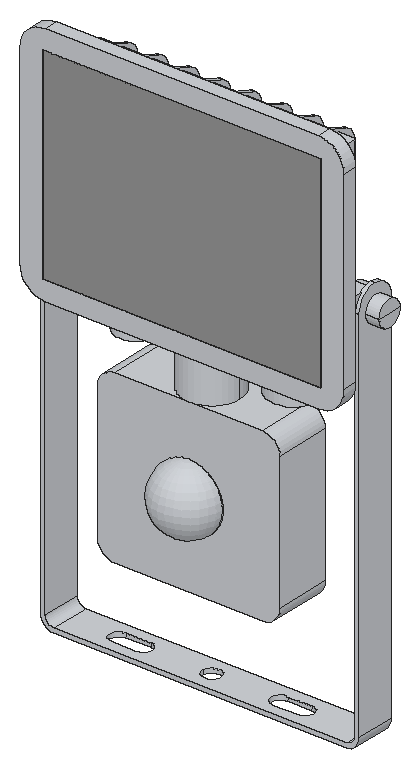
Revit family "SylFlood - 19W - PIR", category Lighting Fixtures, Revit 2017
Family settings
  Round Connector Dimension = Use Diameter
  Part Type = Normal
  OmniClass Number = 23.80.70.00
  OmniClass Title = Lighting
  Work Plane-Based = No
  Always vertical = Yes
  Cut with Voids When Loaded = No
  Light Source = Yes
  Shared = No
  Room Calculation Point = No
Parameters (values of type "0047121 SYLFLOOD IP54 PIR 2000LM 840 WHITE")
  Weight = "2.85 kg"
  Wattage = 19 W
  WarrantyStartDate [instance] = "n/a"
  WarrantyGuarantorParts = "n/a"
  WarrantyDurationUnit = "n/a"
  WarrantyDurationParts = "n/a"
  WarrantyDescription = "n/a"
  built-in parameter 1150110 = 1 (stored number, unit not read)
  Voltage = 0 V
  URL = "http://www.sylvania-lighting.com"
  TypeName = "SylFlood IP54 PIR 2000LM 840 White"
  built-in parameter 1114217 = 1 (stored number, unit not read)
  Tilt Angle = 0.00°
  built-in parameter 1150109 = 1 (stored number, unit not read)
  built-in parameter 1150134 = 12
  built-in parameter 1150113 = 1 (stored number, unit not read)
  SerialNumber [instance] = "n/a"
  PowerFactor = 0.9
  PowerConsumption = "19.0 W"
  Photometric Web File = "0047121.ies"
  NominalWidth = 0 mm
  NominalLength = 190 mm
  NominalHeight = 52 mm
  Name = "SylFlood IP54 PIR 2000LM 840 White"
  ModelReference = "SylFlood IP54 PIR 2000LM 840 White"
  ModelNumber = "0047121"
  Model = "SylFlood IP54 PIR 2000LM 840 White"
  Material_4_FEILO = none
  Material_3_FEILO = none
  Material_2_FEILO = Default New Material
  Material_1_FEILO = none
  Material = "n/a"
  ManufacturerName = "Feilo Sylvania"
  Manufacturer = "Feilo Sylvania"
  LuminousEfficacy = "105 lm/W"
  Lumens = 1995 lm
  LuminaireType = ""
  built-in parameter 1150115 = 1 (stored number, unit not read)
  built-in parameter 1150105 = -1551312 (stored number, unit not read)
  LightOutputRatio = "n/a"
  built-in parameter 1150137 = (empty or 0)
  built-in parameter 1150139 = (empty or 0)
  LampsType = "LED"
  LampNominalLuminous = "2000 lm"
  LampMacAdamStep = "5"
  LampColourTemperature = "4000 K"
  LampColourRenderingIndex = "80"
  built-in parameter 1150112 = 1 (stored number, unit not read)
  built-in parameter 1150114 = 1 (stored number, unit not read)
  Lamp = "LED"
  LUM_WIDTH_SYL = 57 mm  # constant formula
  LUM_HEIGHT_SYL = 43 mm  # constant formula
  LUM_EXTR_ST_SYL = -5 mm
  LUM_EXTR_END_SYL = 0 mm
  LUM_DEPTH_SYL = 28 mm
  Keynote = "16500"
  InstallationDate [instance] = "n/a"
  InputVoltage = "n/a"
  InputNominalFrequency = "n/a"
  built-in parameter 1150132 = 2
  built-in parameter 1150102 = (empty or 0)
  built-in parameter 1150138 = (empty or 0)
  built-in parameter 1150107 = 4000 (stored number, unit not read)
  IngressProtection = "IP54"
  ImpactProtectionIndex = "IK06"
  built-in parameter 1150106 = -15513.1 (stored number, unit not read)
  IfcExportType = "IfcLightFixtureType"
  IfcExportAs = "IfcLightFixtureType"
  ElectricShockClassification = "Class I"
  built-in parameter 1150104 = 9.7548 (stored number, unit not read)
  DocumentationLiterature = "http://www.sylvania-lighting.com/product/en-int/products/0047121"
  DimmingControlOptions = "n/a"
  Dimming Lamp Color Temperature Shift = <None>
  DIF_WIDTH_SYL = 49 mm  # constant formula
  DIF_HEIGHT_SYL = 36 mm  # constant formula
  CreatedOn = "44168"
  CreatedBy = "@sylvania-lighting.com"
  Color Filter = 16777215
  ClassificationValue = "EF_70_80"
  ClassificationName = "Uniclass2015"
  CABLE_SIDE_DIST_SYL = 28.5 mm
  CABLE_LENGTH_SYL = 5 mm
  CABLE_FRONT_DIST_SYL = 17.5 mm
  CABLES_DIST_SYL = 56 mm
  BarCode [instance] = "n/a"
  built-in parameter 1114218 = 1 (stored number, unit not read)
  B_RAIL_R_DIST_SYL = 7 mm
  B_RAIL_HEIGHT_SYL = 27 mm
  B_RAIL_DEPTH_SYL = 44 mm
  B_RAIL_CHAMFER_SYL = 7 mm
  BRACKET_HOLDER_WIDTH_SYL = 12 mm
  BRACKET_HOLDER_HEIGHT_SYL = 17 mm
  BRACKET_HOLDER_DIST_SIDE_SYL = 2.8 mm
  BRACKET_HOLDER_DIST_BOTT_SYL = 22 mm
  BRACKET_HOLDER_DEPTH_SYL = 5.7 mm
  BOX_WIDTH_SYL = 45.5 mm
  BOX_TOP_DIST_SYL = 10.5 mm
  BOX_DEPTH_SYL = 14 mm
  BOX_BOTT_DIST_SYL = 28 mm
  BACK_RAIL_WIDTH_SYL = 1.4 mm
  BACK_RAIL_SIDE_DIST_SYL = 18 mm
  BACK_PL_EXTR_ST_SYL = -6 mm
  BACK_PL_EXTR_ST(-1)_SYL = BACK_PL_EXTR_ST_SYL * (-1)  # 6 mm
  BACK_PL_EXTR_END_SYL = -3 mm
  BACK_PL_EXTR_END(-1)_SYL = BACK_PL_EXTR_END_SYL * (-1)  # 3 mm
  built-in parameter 1150133 = 10 (stored number, unit not read)
  AssetType = "Fixed"
  AssetIdentifier [instance] = "n/a"
  Assembly Code = "D5020200"
  Apparent Load = 19 VA
  0_18W_SYL = yes
Types (4, lengths in mm): name | TypeName | built-in parameter 1150134 | Photometric Web File | Name | ModelReference | ModelNumber | Model | LuminousEfficacy | Lumens | built-in parameter 1150105 | LampNominalLuminous | LampColourTemperature | built-in parameter 1150107 | built-in parameter 1150106 | built-in parameter 1150104 | DocumentationLiterature
  0047121 SYLFLOOD IP54 PIR 2000LM 840 WHITE | "SylFlood IP54 PIR 2000LM 840 White" | 12 | "0047121.ies" | "SylFlood IP54 PIR 2000LM 840 White" | "SylFlood IP54 PIR 2000LM 840 White" | "0047121" | "SylFlood IP54 PIR 2000LM 840 White" | "105 lm/W" | 1995 lm | -1551312 (stored number, unit not read) | "2000 lm" | "4000 K" | 4000 (stored number, unit not read) | -15513.1 (stored number, unit not read) | 9.7548 (stored number, unit not read) | "http://www.sylvania-lighting.com/product/en-int/products/0047121"
  0047120 SYLFLOOD IP54 PIR 1850LM 830 WHITE | "SylFlood IP54 PIR 1850LM 830 White" | (empty or 0) | "0047120.ies" | "SylFlood IP54 PIR 1850LM 830 White" | "SylFlood IP54 PIR 1850LM 830 White" | "0047120" | "SylFlood IP54 PIR 1850LM 830 White" | "97 lm/W" | 1843 lm | -1325633 (stored number, unit not read) | "1850 lm" | "3000 K" | 3000 (stored number, unit not read) | -13256.3 (stored number, unit not read) | 9.0116 (stored number, unit not read) | "http://www.sylvania-lighting.com/product/en-int/products/0047120"
  0047119 SYLFLOOD IP54 PIR 2000LM 840 BLACK | "SylFlood IP54 PIR 2000LM 840 Black" | 12 | "0047119.ies" | "SylFlood IP54 PIR 2000LM 840 Black" | "SylFlood IP54 PIR 2000LM 840 Black" | "0047119" | "SylFlood IP54 PIR 2000LM 840 Black" | "105 lm/W" | 1995 lm | -1551312 (stored number, unit not read) | "2000 lm" | "4000 K" | 4000 (stored number, unit not read) | -15513.1 (stored number, unit not read) | 9.7548 (stored number, unit not read) | "http://www.sylvania-lighting.com/product/en-int/products/0047119"
  0047118 SYLFLOOD IP54 PIR 1850LM 830 BLACK | "SylFlood IP54 PIR 1850LM 830 Black" | (empty or 0) | "0047118.ies" | "SylFlood IP54 PIR 1850LM 830 Black" | "SylFlood IP54 PIR 1850LM 830 Black" | "0047118" | "SylFlood IP54 PIR 1850LM 830 Black" | "97 lm/W" | 1843 lm | -1325633 (stored number, unit not read) | "1850 lm" | "3000 K" | 3000 (stored number, unit not read) | -13256.3 (stored number, unit not read) | 9.0116 (stored number, unit not read) | "http://www.sylvania-lighting.com/product/en-int/products/0047118"
Reference planes
  plane 1 "Light Source Axis (F/B)": y = 0
  plane 2: z = 0
  plane 3 "Light Source Axis (L/R)": x = 0
  plane 4 "Light Source Elevation": z = -0.469
  plane 5: x = 57
  plane 6: x = -57
  plane 7: z = 43
  plane 8: z = -43
  plane 9: x = 49
  plane 10: x = -49
  plane 11: z = 36
  plane 12: z = -36
  plane 13: y = 6
  plane 14: y = 3
  plane 15: x = -45.5
  plane 16: x = 45.5
  plane 17: y = 20
  plane 18: z = 32.5
  plane 19: z = -15
  plane 20: y = 28
  plane 21: z = -21
  plane 22: z = -9
  plane 23: y = 21
  plane 24: x = 54.2
  plane 25: x = 39.5
  plane 26: x = 28.5
  plane 27: x = -27.5
  plane 28: y = 14
  plane 29: z = -38
  plane 30: y = 27
  plane 31: z = 29
  plane 32: z = 22
  plane 33: x = 39
  plane 34: x = 37.6
  plane 35: x = 30.6
  plane 36: x = 20.8
  plane 37: x = 13.8
  plane 38: x = 12.4
  plane 39: x = 5.4
  plane 40: x = 4
  plane 41: z = -50.4
Forms (mm)
  Extrusion 1, solid
    sketch origin (0, 0, 0) x (1, 0, 0) y (0, 0, 1)
      loop
        arc (-48, 43) -> (-54.364, 40.364) -> (-57, 34) r 9
        line (-57, 34) -> (-57, -34)
        arc (-57, -34) -> (-54.364, -40.364) -> (-48, -43) r 9
        line (-48, -43) -> (48, -43)
        arc (48, -43) -> (54.364, -40.364) -> (57, -34) r 9
        line (57, -34) -> (57, 34)
        arc (57, 34) -> (54.364, 40.364) -> (48, 43) r 9
        line (48, 43) -> (-48, 43)
      loop
        line (-49, 36) -> (-49, -36) -> (49, -36) -> (49, 36) -> (-49, 36)
    from -5 <- "LUM_EXTR_ST_SYL" to 0 <- "LUM_EXTR_END_SYL"
  Extrusion 2, solid, material "Default New Material" <- "Material_2_FEILO"
    sketch origin (0, 0, 0) x (1, 0, 0) y (0, 0, 1)
      loop
        line (-49, 36) -> (-49, -36) -> (49, -36) -> (49, 36) -> (-49, 36)
    from -3 <- "BACK_PL_EXTR_END_SYL" to 0 <- "LUM_EXTR_END_SYL"
  Extrusion 3, solid
    sketch origin (0, 0, 0) x (1, 0, 0) y (0, 0, 1)
      loop
        line (49, 36) -> (-49, 36) -> (-49, -36) -> (49, -36) -> (49, 36)
    from -6 <- "BACK_PL_EXTR_ST_SYL" to -3 <- "BACK_PL_EXTR_END_SYL"
  Extrusion 4, solid
    sketch origin (0, 0, 0) x (1, 0, 0) y (0, 1, 0)
      loop
        arc (-44.5, 20) -> (-45.207, 19.707) -> (-45.5, 19) r 1
        line (-45.5, 19) -> (-45.5, 6) -> (45.5, 6) -> (45.5, 19)
        arc (45.5, 19) -> (45.207, 19.707) -> (44.5, 20) r 1
        line (44.5, 20) -> (-44.5, 20)
    from -15 to 32.5
  Extrusion 5, solid
    sketch origin (0, 0, 0) x (1, 0, 0) y (0, 1, 0)
      loop
        arc (-31.5, 28) -> (-41.399, 23.899) -> (-45.5, 14) r 14
        line (-45.5, 14) -> (-45.5, 6) -> (45.5, 6) -> (45.5, 14)
        arc (45.5, 14) -> (41.399, 23.899) -> (31.5, 28) r 14
        line (31.5, 28) -> (-31.5, 28)
    from -36 to -15
  Extrusion 6, solid
    sketch origin (0, 0, 0) x (0, 1, 0) y (0, 0, 1)
      loop
        line (5, -9) -> (5, -21) -> (15, -21)
        arc (15, -21) -> (19.243, -19.243) -> (21, -15) r 6
        arc (21, -15) -> (19.243, -10.757) -> (15, -9) r 6
        line (15, -9) -> (5, -9)
      loop
        circle (15, -15) r 2.5
    from 49 to 54.502
  Extrusion 7, solid
    sketch origin (0, 0, 0) x (1, 0, 0) y (0, 1, 0)
      loop
        circle (-27.5, 14) r 7
      loop
        circle (28.5, 14) r 9
    from -50.4 to -36
  Extrusion 8, solid
    sketch origin (1.583, 5.639, -10.469) x (0, 1, 0) y (0, 0, -1)
      loop
        line (-0.625, 4.531) -> (-0.625, -22) -> (-0.625, -49.48) -> (18.047, -42.313)
        arc (18.047, -42.313) -> (20.09, -40.922) -> (21.299, -38.767) r 5.397
        line (21.299, -38.767) -> (21.299, 4.531) -> (-0.625, 4.531)
    from -37.417 to -36.017
  Extrusion 9, solid
    sketch origin (0, 0, 0) x (0, 1, 0) y (0, 0, -1)
      loop
        line (5, 9) -> (15, 9)
        arc (15, 9) -> (19.243, 10.757) -> (21, 15) r 6
        arc (21, 15) -> (19.243, 19.243) -> (15, 21) r 6
        line (15, 21) -> (5, 21) -> (5, 9)
      loop
        circle (15, 15) r 2.5
    from 49 to 54.502
  Extrusion 10, solid
    sketch origin (-1.583, 5.639, -10.469) x (0, 1, 0) y (0, 0, 1)
      loop
        line (-0.625, -4.531) -> (21.299, -4.531) -> (21.299, 38.767)
        arc (21.299, 38.767) -> (20.09, 40.922) -> (18.047, 42.313) r 5.397
        line (18.047, 42.313) -> (-0.625, 49.48) -> (-0.625, 22) -> (-0.625, -4.531)
    from -37.417 to -36.017
  Extrusion 11, solid
    sketch origin (-75.017, 5.639, -10.469) x (0, 1, 0) y (0, 0, -1)
      loop
        line (-0.625, 4.531) -> (-0.625, -22) -> (-0.625, -49.48) -> (18.047, -42.313)
        arc (18.047, -42.313) -> (20.09, -40.922) -> (21.299, -38.767) r 5.397
        line (21.299, -38.767) -> (21.299, 4.531) -> (-0.625, 4.531)
    from -37.417 to -36.017
  Extrusion 12, solid
    sketch origin (-9.36, 5.639, -10.469) x (0, 1, 0) y (0, 0, -1)
      loop
        line (-0.625, 4.531) -> (-0.625, -22) -> (-0.625, -49.48) -> (18.047, -42.313)
        arc (18.047, -42.313) -> (20.09, -40.922) -> (21.299, -38.767) r 5.397
        line (21.299, -38.767) -> (21.299, 4.531) -> (-0.625, 4.531)
    from -37.417 to -36.017
  Extrusion 13, solid
    sketch origin (-20.302, 5.639, -10.469) x (0, 1, 0) y (0, 0, -1)
      loop
        line (-0.625, 4.531) -> (-0.625, -22) -> (-0.625, -49.48) -> (18.047, -42.313)
        arc (18.047, -42.313) -> (20.09, -40.922) -> (21.299, -38.767) r 5.397
        line (21.299, -38.767) -> (21.299, 4.531) -> (-0.625, 4.531)
    from -37.417 to -36.017
  Extrusion 14, solid
    sketch origin (-31.245, 5.639, -10.469) x (0, 1, 0) y (0, 0, -1)
      loop
        line (-0.625, 4.531) -> (-0.625, -22) -> (-0.625, -49.48) -> (18.047, -42.313)
        arc (18.047, -42.313) -> (20.09, -40.922) -> (21.299, -38.767) r 5.397
        line (21.299, -38.767) -> (21.299, 4.531) -> (-0.625, 4.531)
    from -37.417 to -36.017
  Extrusion 15, solid
    sketch origin (-42.188, 5.639, -10.469) x (0, 1, 0) y (0, 0, -1)
      loop
        line (-0.625, 4.531) -> (-0.625, -22) -> (-0.625, -49.48) -> (18.047, -42.313)
        arc (18.047, -42.313) -> (20.09, -40.922) -> (21.299, -38.767) r 5.397
        line (21.299, -38.767) -> (21.299, 4.531) -> (-0.625, 4.531)
    from -37.417 to -36.017
  Extrusion 16, solid
    sketch origin (-53.131, 5.639, -10.469) x (0, 1, 0) y (0, 0, -1)
      loop
        line (-0.625, 4.531) -> (-0.625, -22) -> (-0.625, -49.48) -> (18.047, -42.313)
        arc (18.047, -42.313) -> (20.09, -40.922) -> (21.299, -38.767) r 5.397
        line (21.299, -38.767) -> (21.299, 4.531) -> (-0.625, 4.531)
    from -37.417 to -36.017
  Extrusion 17, solid
    sketch origin (-64.074, 5.639, -10.469) x (0, 1, 0) y (0, 0, -1)
      loop
        line (-0.625, 4.531) -> (-0.625, -22) -> (-0.625, -49.48) -> (18.047, -42.313)
        arc (18.047, -42.313) -> (20.09, -40.922) -> (21.299, -38.767) r 5.397
        line (21.299, -38.767) -> (21.299, 4.531) -> (-0.625, 4.531)
    from -37.417 to -36.017
Cuts and joins
  joined: Extrusion 1, Extrusion 3, Extrusion 4, Extrusion 5
Dimensions and locks
  "LUM_WIDTH_SYL": plane 5 to plane 3 "Light Source Axis (L/R)" to plane 6
  "LUM_HEIGHT_SYL": plane 7 to plane 2 to plane 8
  "DIF_WIDTH_SYL": plane 9 to plane 3 "Light Source Axis (L/R)" to plane 10
  "DIF_HEIGHT_SYL": plane 11 to plane 2 to plane 12
  "BACK_PL_EXTR_ST(-1)_SYL": plane 1 "Light Source Axis (F/B)" to plane 13
  "BACK_PL_EXTR_END(-1)_SYL": plane 1 "Light Source Axis (F/B)" to plane 14
  "BOX_WIDTH_SYL": plane 15 to plane 3 "Light Source Axis (L/R)" to plane 16
  "BOX_DEPTH_SYL": plane 13 to plane 17
  "BOX_TOP_DIST_SYL": plane 18 to plane 7
  "BOX_BOTT_DIST_SYL": plane 8 to plane 19
  "LUM_DEPTH_SYL": plane 1 "Light Source Axis (F/B)" to plane 20
  "BRACKET_HOLDER_DIST_BOTT_SYL": plane 21 to plane 8
  "BRACKET_HOLDER_WIDTH_SYL": plane 22 to plane 21
  cut or joined group of Extrusion 1, Extrusion 3, Extrusion 4, Extrusion 5 to plane 23 = 15 mm
  locked: cut or joined group of Extrusion 1, Extrusion 3, Extrusion 4, Extrusion 5 to plane 24 at 2.8
  plane 25 to plane 24 = 14.7 mm
  "CABLES_DIST_SYL": plane 27 to plane 26
  "CABLE_SIDE_DIST_SYL": plane 26 to plane 5
  cut or joined group of Extrusion 1, Extrusion 3, Extrusion 4, Extrusion 5 to plane 28 = 14 mm
  locked: cut or joined group of Extrusion 1, Extrusion 3, Extrusion 4, Extrusion 5 to plane 29 at 5
  "B_RAIL_HEIGHT_SYL": plane 30 to plane 1 "Light Source Axis (F/B)"
  "B_RAIL_DEPTH_SYL": plane 31 to plane 19
  "B_RAIL_CHAMFER_SYL": plane 31 to plane 32
  "BACK_RAIL_SIDE_DIST_SYL": plane 5 to plane 33
  "BACK_RAIL_WIDTH_SYL": plane 33 to plane 34
  "B_RAIL_R_DIST_SYL": plane 34 to plane 35
  "B_RAIL_R_DIST_SYL": plane 36 to plane 37
  "BACK_RAIL_WIDTH_SYL": plane 37 to plane 38
  "BACK_RAIL_WIDTH_SYL": plane 39 to plane 40
  "B_RAIL_R_DIST_SYL": plane 38 to plane 39
  plane 35 to plane 26 = 2.1 mm
  equal spacing: group 2, group 8, group 7, group 6, group 5, group 4, group 3, group 1
  equal spacing: group 1, group 3, group 4, group 5, group 6, group 7, group 8, group 2  (x2)
  aligned and locked: plane 4 "Light Source Elevation" to imposter light
  aligned and locked: level to plane 2
  aligned and locked: Extrusion 1 sketch curve to plane 7
  aligned and locked: plane 6 to Extrusion 1 sketch curve
  aligned and locked: plane 8 to Extrusion 1 sketch curve
  aligned and locked: Extrusion 1 sketch curve to plane 5
  aligned and locked: Extrusion 1 sketch curve to plane 11
  aligned and locked: plane 10 to Extrusion 1 sketch curve
  aligned and locked: plane 12 to Extrusion 1 sketch curve
  aligned and locked: Extrusion 1 sketch curve to plane 9
  aligned and locked: Extrusion 2 sketch curve to Extrusion 1  (x4)
  aligned and locked: Extrusion 3 sketch curve to Extrusion 1  (x4)
  aligned and locked: Extrusion 3 to Extrusion 2
  aligned and locked: plane 17 to Extrusion 4 sketch curve
  aligned and locked: plane 15 to Extrusion 4 sketch curve
  aligned and locked: Extrusion 4 sketch curve to plane 13
  aligned and locked: Extrusion 4 sketch curve to plane 16
  aligned and locked: plane 18 to Extrusion 4
  aligned and locked: Extrusion 4 to plane 19
  aligned and locked: plane 20 to Extrusion 5 sketch curve
  aligned and locked: plane 15 to Extrusion 5 sketch curve
  aligned and locked: cut or joined group of Extrusion 1, Extrusion 3, Extrusion 4, Extrusion 5 to Extrusion 5 sketch curve
  aligned and locked: Extrusion 5 sketch curve to cut or joined group of Extrusion 1, Extrusion 3, Extrusion 4, Extrusion 5
  aligned and locked: plane 19 to Extrusion 5
  aligned and locked: Extrusion 5 to plane 12
  aligned and locked: Extrusion 6 sketch curve to plane 22
  aligned and locked: plane 21 to Extrusion 6 sketch curve
  aligned and locked: Extrusion 7 to Extrusion 2
  aligned and locked: Extrusion 6 to cut or joined group of Extrusion 1, Extrusion 3, Extrusion 4, Extrusion 5
  aligned and locked: plane 33 to Extrusion 8
  aligned and locked: Extrusion 8 to plane 34
  aligned and locked: Extrusion 7 to plane 41
Automatic sketch dimensions
  plane 10 to Extrusion 1 sketch curve = 1 mm  (x2)
  Extrusion 1 sketch curve to plane 25 = 8.5 mm  (x2)
  plane 15 to Extrusion 4 sketch curve = 1 mm
  Extrusion 4 sketch curve to plane 16 = 1 mm
  Extrusion 5 sketch curve to plane 15 = 0 mm
  Extrusion 5 sketch curve to plane 28 = 0 mm  (x2)
  Extrusion 6 sketch curve to Extrusion 6 sketch curve = 0 mm  (x5)
  Extrusion 6 sketch curve to plane 23 = 0 mm
  plane 13 to Extrusion 6 sketch curve = 1 mm
  Extrusion 7 sketch curve to plane 27 = 0 mm
  Extrusion 7 sketch curve to plane 26 = 0 mm
  Extrusion 7 sketch curve to plane 28 = 0 mm  (x2)
  Extrusion 9 sketch curve to Extrusion 9 sketch curve = 0 mm  (x6)
  Extrusion 9 sketch curve to plane 21 = 0 mm
  Extrusion 9 sketch curve to plane 22 = 0 mm
  Extrusion 9 sketch curve to plane 23 = 0 mm
  plane 13 to Extrusion 9 sketch curve = 1 mm
  Extrusion 10 sketch curve to plane 19 = 0 mm
  plane 13 to Extrusion 10 sketch curve = 0.986 mm
  Extrusion 10 sketch curve to plane 23 = 0.751 mm
  Extrusion 10 sketch curve to plane 18 = 0.656 mm
  Extrusion 10 sketch curve to plane 23 = 2.685 mm
  plane 30 to Extrusion 10 sketch curve = 0.062 mm
  Extrusion 10 sketch curve to plane 32 = 10.469 mm
  Extrusion 10 sketch curve to plane 31 = 2.195 mm
  Extrusion 8 sketch curve to Extrusion 8 sketch curve = 16.737 mm
  Extrusion 8 sketch curve to Extrusion 8 sketch curve = 1.934 mm
  Extrusion 8 sketch curve to Extrusion 8 sketch curve = 21.924 mm
  Extrusion 8 sketch curve to Extrusion 8 sketch curve = 7.167 mm
  Extrusion 8 sketch curve to Extrusion 8 sketch curve = 15.274 mm
  Extrusion 8 sketch curve to Extrusion 8 sketch curve = 26.531 mm
  Extrusion 11 sketch curve to Extrusion 11 sketch curve = 16.737 mm
  Extrusion 11 sketch curve to Extrusion 11 sketch curve = 1.934 mm
  Extrusion 11 sketch curve to Extrusion 11 sketch curve = 21.924 mm
  Extrusion 11 sketch curve to Extrusion 11 sketch curve = 7.167 mm
  Extrusion 11 sketch curve to Extrusion 11 sketch curve = 15.274 mm
  Extrusion 11 sketch curve to Extrusion 11 sketch curve = 26.531 mm
  Extrusion 12 sketch curve to Extrusion 12 sketch curve = 16.737 mm
  Extrusion 12 sketch curve to Extrusion 12 sketch curve = 1.934 mm
  Extrusion 12 sketch curve to Extrusion 12 sketch curve = 21.924 mm
  Extrusion 12 sketch curve to Extrusion 12 sketch curve = 7.167 mm
  Extrusion 12 sketch curve to Extrusion 12 sketch curve = 15.274 mm
  Extrusion 12 sketch curve to Extrusion 12 sketch curve = 26.531 mm
  Extrusion 13 sketch curve to Extrusion 13 sketch curve = 16.737 mm
  Extrusion 13 sketch curve to Extrusion 13 sketch curve = 1.934 mm
  Extrusion 13 sketch curve to Extrusion 13 sketch curve = 21.924 mm
  Extrusion 13 sketch curve to Extrusion 13 sketch curve = 7.167 mm
  Extrusion 13 sketch curve to Extrusion 13 sketch curve = 15.274 mm
  Extrusion 13 sketch curve to Extrusion 13 sketch curve = 26.531 mm
  Extrusion 14 sketch curve to Extrusion 14 sketch curve = 16.737 mm
  Extrusion 14 sketch curve to Extrusion 14 sketch curve = 1.934 mm
  Extrusion 14 sketch curve to Extrusion 14 sketch curve = 21.924 mm
  Extrusion 14 sketch curve to Extrusion 14 sketch curve = 7.167 mm
  Extrusion 14 sketch curve to Extrusion 14 sketch curve = 15.274 mm
  Extrusion 14 sketch curve to Extrusion 14 sketch curve = 26.531 mm
  Extrusion 15 sketch curve to Extrusion 15 sketch curve = 16.737 mm
  Extrusion 15 sketch curve to Extrusion 15 sketch curve = 1.934 mm
  Extrusion 15 sketch curve to Extrusion 15 sketch curve = 21.924 mm
  Extrusion 15 sketch curve to Extrusion 15 sketch curve = 7.167 mm
  Extrusion 15 sketch curve to Extrusion 15 sketch curve = 15.274 mm
  Extrusion 15 sketch curve to Extrusion 15 sketch curve = 26.531 mm
  Extrusion 16 sketch curve to Extrusion 16 sketch curve = 16.737 mm
  Extrusion 16 sketch curve to Extrusion 16 sketch curve = 1.934 mm
  Extrusion 16 sketch curve to Extrusion 16 sketch curve = 21.924 mm
  Extrusion 16 sketch curve to Extrusion 16 sketch curve = 7.167 mm
  Extrusion 16 sketch curve to Extrusion 16 sketch curve = 15.274 mm
  Extrusion 16 sketch curve to Extrusion 16 sketch curve = 26.531 mm
  Extrusion 17 sketch curve to Extrusion 17 sketch curve = 16.737 mm
  Extrusion 17 sketch curve to Extrusion 17 sketch curve = 1.934 mm
  Extrusion 17 sketch curve to Extrusion 17 sketch curve = 21.924 mm
  Extrusion 17 sketch curve to Extrusion 17 sketch curve = 7.167 mm
  Extrusion 17 sketch curve to Extrusion 17 sketch curve = 15.274 mm
  Extrusion 17 sketch curve to Extrusion 17 sketch curve = 26.531 mm
  radius of Extrusion 6 sketch curve = 2.5 mm
  radius of Extrusion 7 sketch curve = 7 mm
  radius of Extrusion 7 sketch curve = 9 mm
  radius of Extrusion 9 sketch curve = 2.5 mm
Nested families
  nested 1: "START Flood Flat - 18W_bracket - PIR" at (-1.504, 15, -114.589), type "START Flood Flat - 18W_bracket - PIR"
  nested 2: "PIR" at (0, 2.977, -89.01) x (-1, 0, 0) z (0, 0, 1), type "PIR"
  nested 3: "bolt" at (55.996, 15, -15), type "bolt"
  nested 4: "bolt" at (-56.004, 15, -15) x (-1, 0, 0) z (0, 0, 1), type "bolt"
Definition of nested family "START Flood Flat - 18W_bracket - PIR"
  Parameters (values of type "START Flood Flat - 18W_bracket - PIR")
    WIDTH_SYL = 112 mm
    WIDTH/2_SYL = WIDTH_SYL / 2  # 56 mm
    THICKNESS_SYL = 1.5 mm
    Material_4_SYL = none
    Material_3_SYL = none
    Material_2_SYL = none
    Material_1_SYL = none
    HOLE_DIST_SYL = 8.5 mm
    HOLE2_DIST_SYL = 8 mm
    HEIGHT_SYL = 145 mm
    FILLET_SYL = 7 mm
    DEPTH_2_SYL = -7 mm
    DEPTH_1_SYL = 7 mm
    CUTOUT_DIST_SYL = 24.2 mm
  Reference planes
    plane 1 "Center (Front/Back)": y = 0
    plane 2: z = 0
    plane 3 "Center (Left/Right)": x = 0
    plane 4: x = -54.5
    plane 5: x = 57.5
    plane 6: z = -37.5
    plane 7: z = 107.5
    plane 8: x = -53
    plane 9: z = -36
    plane 10: x = 56
    plane 11: z = 99.5
    plane 12: z = 100.5
    plane 13: x = 24.2
    plane 14: x = -24.2
    plane 15: x = 32.7
    plane 16: x = -32.7
  Forms (mm)
    Extrusion 1, solid
      sketch origin (0, 0, 0) x (1, 0, 0) y (0, 0, 1)
        loop
          arc (-54.5, -33) -> (-53.182, -36.182) -> (-50, -37.5) r 4.5
          line (-50, -37.5) -> (53, -37.5)
          arc (53, -37.5) -> (56.182, -36.182) -> (57.5, -33) r 4.5
          line (57.5, -33) -> (57.5, 107.5) -> (56, 107.5) -> (56, -33)
          arc (56, -33) -> (55.121, -35.121) -> (53, -36) r 3
          line (53, -36) -> (-50, -36)
          arc (-50, -36) -> (-52.121, -35.121) -> (-53, -33) r 3
          line (-53, -33) -> (-53, 107.5) -> (-54.5, 107.5) -> (-54.5, -33)
      from -7 <- "DEPTH_2_SYL" to 7 <- "DEPTH_1_SYL"
    Extrusion 2, void
      sketch origin (0, 0, 0) x (0, 1, 0) y (0, 0, 1)
        loop
          circle (0, 99.5) r 3.15
      from -54.5 to 57.5
    Extrusion 3, void
      sketch origin (0, 0, 0) x (0, 1, 0) y (0, 0, 1)
        loop
          line (7, 100.5) -> (14.83, 113.08) -> (-15.17, 113.08) -> (-7, 100.5)
          arc (-7, 100.5) -> (-4.95, 105.45) -> (0, 107.5) r 7
          arc (0, 107.5) -> (4.95, 105.45) -> (7, 100.5) r 7
      from -54.5 to 57.5
    Extrusion 4, void
      sketch origin (0, 0, 0) x (1, 0, 0) y (0, 1, 0)
        loop
          circle (0, 0) r 3.25
        loop
          arc (-32.7, 3.25) -> (-35.95, 0) -> (-32.7, -3.25) r 3.25
          line (-32.7, -3.25) -> (-24.2, -3.25)
          arc (-24.2, -3.25) -> (-20.95, 0) -> (-24.2, 3.25) r 3.25
          line (-24.2, 3.25) -> (-32.7, 3.25)
        loop
          line (24.2, -3.25) -> (32.7, -3.25)
          arc (32.7, -3.25) -> (35.95, 0) -> (32.7, 3.25) r 3.25
          line (32.7, 3.25) -> (24.2, 3.25)
          arc (24.2, 3.25) -> (20.95, 0) -> (24.2, -3.25) r 3.25
      from -54.767 to -28.006
  Cuts and joins
    Extrusion 2, Extrusion 3, Extrusion 4 cuts Extrusion 1
  Dimensions and locks
    "THICKNESS_SYL": plane 8 to plane 4
    "THICKNESS_SYL": plane 5 to plane 10
    "WIDTH_SYL": plane 5 to plane 4
    "HEIGHT_SYL": plane 7 to plane 6
    "FILLET_SYL": plane 7 to plane 12
    "CUTOUT_DIST_SYL": plane 14 to plane 3 "Center (Left/Right)" to plane 13
    "HOLE_DIST_SYL": plane 16 to plane 14
    "HOLE_DIST_SYL": plane 13 to plane 15
    "HOLE2_DIST_SYL": plane 7 to plane 11
    "WIDTH/2_SYL": plane 3 "Center (Left/Right)" to plane 10
    aligned and locked: level to plane 2
    aligned and locked: plane 4 to Extrusion 1 sketch curve
    aligned and locked: plane 6 to Extrusion 1 sketch curve
    aligned and locked: Extrusion 1 sketch curve to plane 5
    aligned and locked: plane 8 to Extrusion 1 sketch curve
    aligned and locked: plane 9 to Extrusion 1 sketch curve
    aligned and locked: Extrusion 1 sketch curve to plane 10
    aligned and locked: plane 7 to Extrusion 1 sketch curve  (x2)
    aligned and locked: Extrusion 1 to Extrusion 2  (x2)
    aligned and locked: Extrusion 1 to Extrusion 3
    aligned and locked: Extrusion 3 to Extrusion 1
  Automatic sketch dimensions
    Extrusion 1 sketch curve to Extrusion 1 sketch curve = 0 mm
    plane 8 to Extrusion 1 sketch curve = 3 mm
    Extrusion 1 sketch curve to plane 10 = 3 mm
    Extrusion 1 sketch curve to Extrusion 1 sketch curve = 3 mm
    Extrusion 2 sketch curve to plane 1 "Center (Front/Back)" = 0 mm
    Extrusion 2 sketch curve to plane 11 = 0 mm
    Extrusion 3 sketch curve to Extrusion 3 sketch curve = 0 mm
    Extrusion 3 sketch curve to plane 12 = 0 mm
    Extrusion 3 sketch curve to plane 1 "Center (Front/Back)" = 0 mm
    Extrusion 3 sketch curve to plane 7 = 0 mm
    Extrusion 3 sketch curve to Extrusion 3 sketch curve = 8.17 mm
    plane 7 to Extrusion 3 sketch curve = 5.58 mm
    Extrusion 3 sketch curve to Extrusion 3 sketch curve = 7.83 mm
    plane 1 "Center (Front/Back)" to Extrusion 4 sketch curve = 0 mm  (x3)
    Extrusion 4 sketch curve to plane 16 = 0 mm
    Extrusion 4 sketch curve to plane 14 = 0 mm
    Extrusion 4 sketch curve to plane 3 "Center (Left/Right)" = 0 mm
    Extrusion 4 sketch curve to plane 13 = 0 mm
    Extrusion 4 sketch curve to plane 15 = 0 mm
    plane 1 "Center (Front/Back)" to Extrusion 4 sketch curve = 3.25 mm  (x2)
    radius of Extrusion 2 sketch curve = 3.15 mm
    radius of Extrusion 4 sketch curve = 3.25 mm
Definition of nested family "PIR"
  Parameters (values of type "PIR")
    Material_4_SYL = none
    Material_3_SYL = none
    Material_2_SYL = none
    Material_1_SYL = none
  Reference planes
    plane 1 "Center (Front/Back)": y = 0
    plane 2: z = 0
    plane 3 "Center (Left/Right)": x = 0
    plane 4: z = -30
    plane 5: z = 30
    plane 6: x = 32
    plane 7: x = -32
    plane 8: x = 12
    plane 9: z = 12
    plane 10: z = -12
    plane 11: z = 46
    plane 12: x = 10
    plane 13: y = -10
  Forms (mm)
    Extrusion 1, solid
      sketch origin (0, 0, 0) x (1, 0, 0) y (0, 0, 1)
        loop
          arc (-26, 30) -> (-30.243, 28.243) -> (-32, 24) r 6
          line (-32, 24) -> (-32, -24)
          arc (-32, -24) -> (-30.243, -28.243) -> (-26, -30) r 6
          line (-26, -30) -> (26, -30)
          arc (26, -30) -> (30.243, -28.243) -> (32, -24) r 6
          line (32, -24) -> (32, 24)
          arc (32, 24) -> (30.243, 28.243) -> (26, 30) r 6
          line (26, 30) -> (-26, 30)
      from 0 to 20
    Revolve 2, solid
      sketch origin (0, 0, 0) x (1, 0, 0) y (0, 0, 1)
        loop
          line (0, 12) -> (0, -12)
          arc (0, -12) -> (12, 0) -> (0, 12) r 12
        axis (0, 12) -> (0, -12)
      angle from 0 to 360
    Extrusion 3, solid
      sketch origin (0, 0, 0) x (1, 0, 0) y (0, 1, 0)
        loop
          circle (0, -10) r 10
      from 30 to 46
  Dimensions and locks
    aligned and locked: level to plane 2
    aligned and locked: Extrusion 1 sketch curve to plane 5
    aligned and locked: plane 7 to Extrusion 1 sketch curve
    aligned and locked: plane 4 to Extrusion 1 sketch curve
    aligned and locked: Extrusion 1 sketch curve to plane 6
    aligned and locked: plane 3 "Center (Left/Right)" to Revolve 2 sketch curve
    aligned and locked: plane 10 to Revolve 2 sketch curve
    aligned and locked: Revolve 2 sketch curve to plane 3 "Center (Left/Right)"
    aligned and locked: plane 11 to Extrusion 3
    aligned and locked: Extrusion 3 to plane 5
Definition of nested family "bolt"
  Parameters (values of type "bolt")
    Material_4_SYL = none
    Material_3_SYL = none
    Material_2_SYL = none
    Material_1_SYL = none
  Reference planes
    plane 1 "Center (Front/Back)": y = 0
    plane 2: z = 0
    plane 3 "Center (Left/Right)": x = 0
    plane 4: x = 5
    plane 5: x = -10
    plane 6: y = 2.5
    plane 7: y = -2.5
    plane 8: y = 4.5
    plane 9: y = -4.5
  Forms (mm)
    Revolve 1, solid
      sketch origin (0, 0, 0) x (1, 0, 0) y (0, 1, 0)
        loop
          line (5, 0) -> (-10, 0) -> (-10, -2.5) -> (0, -2.5) -> (0, -4.5) -> (5, -4.5) -> (5, 0)
        axis (5, 0) -> (-10, 0)
      angle from 0 to 360
  Dimensions and locks
    aligned and locked: level to plane 2
